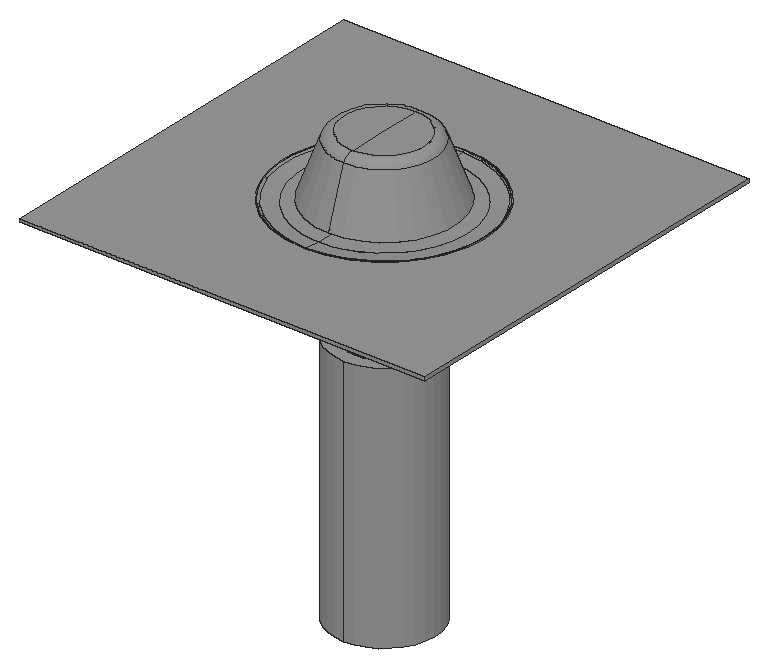
Revit family "HL_RU_Roof drain_HL69H-B-221103", category Sanitärinstallationen, Revit 2020
Family settings
  Bemaßung runder Anschluss = Durchmesser verwenden
  Teiletyp = Normal
  OmniClass-Nummer = 23.70.50.21.24.14
  OmniClass-Titel = Deck Waste Water Drains
  Arbeitsebenenbasiert = Nein
  Immer vertikal = Ja
  Beim Laden mit Abzugskörper schneiden = Nein
  Gemeinsam genutzt = Nein
  Raumberechnungspunkt = Ja
Parameters (values of type "HL_Кровельная воронка_HL69H_2")
  РЕШЁТКА = "Laubfangkorb d 145 mm"
  РАЗМЕР = "für DN125"
  ПРОПУСКНАЯ СПОСОБНОСТЬ [instance] = 0.0 L/s
  ПРОИЗВОДИТЕЛЬНОСТЬ = "11,0 l/s"
  ПРАВОВАЯ ИНФОРМАЦИЯ = "Авторские права(©), права на дизайн или какие либо другие права интелектуальной собственности являются исключительной собственностью компании HL Hutterer & Lechner. Изменению не подлежит. Файл семейства с данными о прозводителе изделия защищен паролем с водяным знаком."
  НОМИНАЛЬНЫЙ ДИАМЕТР = 125 mm
  МАТЕРИАЛ = "PP"
  ВЫСОТА МОНТАЖА = "301 mm"
  ВЕС = "2,43 [kg]"
  Vorgabe-Ansicht = 0 mm
  Hersteller = "HL Hutterer & Lechner GmbH"  # constant formula
  URL = "http://www.hutterer-lechner.com/ru/products/catalog/roof-drains/HL69H/2.aspx"
  Материал плитка [instance] = none
  Lüftungsverbindung = no
  Abwasserrohrverbindung = yes
  HW-Verbindung = no
  KW-Verbindung = no
  Beschreibung = "Кровельные воронки"
  Model = "HL69H_2"
  Assembly Code = " "
  Typenkommentare = "HL69H/2, \"Ремонтная\" кровельная воронка для DN125 с битумным полотном."
  Keynote = "HL69H_2"
  Bысота монтажа [instance] = 0 mm
  G [instance] = 180.00°  # constant formula
  EAN = "9003076004553"
  D [instance] = if(НОМИНАЛЬНЫЙ ДИАМЕТР = 75 mm, 250 mm, if(НОМИНАЛЬНЫЙ ДИАМЕТР = 160 mm, 250 mm, 363 mm)) + Bысота монтажа  # 363 mm
  C [instance] = if(Bысота монтажа - 68 mm < 0 mm, 0 mm, Bысота монтажа - 68 mm)  # 0 mm
  B [instance] = 100 mm  # constant formula
  A [instance] = if(B - 100 mm > 15 mm, B - 100 mm, 15 mm)  # 15 mm
Types (5, lengths in mm): name | РАЗМЕР | ПРОИЗВОДИТЕЛЬНОСТЬ | НОМИНАЛЬНЫЙ ДИАМЕТР | ВЕС | URL | Model | Typenkommentare | Keynote | EAN | D
  (no name) | "für DN125" | "11,0 l/s" | 125 | "2,43 [kg]" | "http://www.hutterer-lechner.com/ru/products/catalog/roof-drains/HL69H/2.aspx" | "HL69H_2" | "HL69H/2, \"Ремонтная\" кровельная воронка для DN125 с битумным полотном." | "HL69H_2" | "9003076004553" | 363
  HL_Кровельная воронка_HL69H_1 | "für DN110" | "7,8 l/s" | 110 | "2,33 [kg]" | "http://www.hutterer-lechner.com/ru/products/catalog/roof-drains/HL69H/1.aspx" | "HL69H_1" | "HL69H/1, \"Ремонтная\" кровельная воронка для DN110 с битумным полотном." | "HL69H_1" | "9003076004546" | 363
  HL_Кровельная воронка_HL69H_2 | "für DN125" | "11,0 l/s" | 125 | "2,43 [kg]" | "http://www.hutterer-lechner.com/ru/products/catalog/roof-drains/HL69H/2.aspx" | "HL69H_2" | "HL69H/2, \"Ремонтная\" кровельная воронка для DN125 с битумным полотном." | "HL69H_2" | "9003076004553" | 363
  HL_Кровельная воронка_HL69H_5 | "für DN160" | "10,3 l/s" | 160 | "2,82 [kg]" | "http://www.hutterer-lechner.com/ru/products/catalog/roof-drains/HL69H/5.aspx" | "HL69H_5" | "HL69H/5, \"Ремонтная\" кровельная воронка для DN160 с битумным полотном." | "HL69H_5" | "9003076008285" | 250
  HL_Кровельная воронка_HL69H_7 | "für DN75" | "7,5 l/s" | 75 | "2,07 [kg]" | "http://www.hutterer-lechner.com/ru/products/catalog/roof-drains/HL69H/7.aspx" | "HL69H_7" | "HL69H/7, \"Ремонтная\" кровельная воронка для DN75 с битумным полотном." | "HL69H_7" | "9003076004539" | 250
Reference planes
  plane 1 "Center (Front/Back)": y = 0
  plane 2: z = 0
  plane 3 "Center (Left/Right)": x = 0
  plane 4: z = -100
  plane 5: z = 0
Lines and regions (mm)
  model lines, style "InvisibleLines"
    curve 1: line (0, 0, 0) -> (0, 0, 20)
  model lines, style "PlumbingFixtures", detail levels coarse+medium
    curve 2: line (0, 0, -100) -> (0, 0, -85)
    curve 3: line (0, 0, -85) -> (-85, 0, 0)
    curve 4: line (0, 0, -85) -> (85, 0, 0)
    curve 6: line (0, 0, -100) -> (0, 0, -463)
  reference lines, not visible
    curve 5: line (0, 0, -100) -> (0, 0, -463)
  symbolic lines, style "PlumbingFixtures", detail levels coarse+medium
    curve 7: line (-75, 75, 0) -> (75, 75, 0)
    curve 8: line (-75, -75, 0) -> (-75, 75, 0)
    curve 9: line (75, -75, 0) -> (-75, -75, 0)
    curve 10: line (75, 75, 0) -> (75, -75, 0)
    curve 11: line (-75, 75, 0) -> (-145.711, 145.711, 0)
    curve 12: line (75, 75, 0) -> (145.711, 145.711, 0)
    curve 13: line (-75, -75, 0) -> (-145.711, -145.711, 0)
    curve 14: line (75, -75, 0) -> (145.711, -145.711, 0)
  symbolic lines, style "PlumbingFixtures", not visible, detail levels coarse+medium
    curve 15: line (-75, 75, 0) -> (75, 75, 0)
    curve 16: line (-75, -75, 0) -> (-75, 75, 0)
    curve 17: line (75, -75, 0) -> (-75, -75, 0)
    curve 18: line (75, 75, 0) -> (75, -75, 0)
    curve 19: line (-75, 75, 0) -> (-145.711, 145.711, 0)
    curve 20: line (75, 75, 0) -> (145.711, 145.711, 0)
    curve 21: line (-75, -75, 0) -> (-145.711, -145.711, 0)
    curve 22: line (75, -75, 0) -> (145.711, -145.711, 0)
Text (mm)
  text "FLOOR" at (-162.344, 0, -10.979), in view "Drain Construction View"
Dimensions and locks
  "B": plane 2 to plane 4
  "Bысота монтажа": plane 2 to plane 5
  "A": curve 4 to plane 4
  "D": curve 5 to curve 5
  "D": curve 6 to curve 6
  locked: curve 4 to plane 3 "Center (Left/Right)" (angle 45.00°)
  locked: plane 3 "Center (Left/Right)" to curve 3 (angle 45.00°)
  "G": angle curve 5 to plane 3 "Center (Left/Right)"
  aligned and locked: level to plane 2
  aligned and locked: plane 2 to curve 4
  aligned and locked: plane 2 to curve 3
  aligned and locked: plane 4 to curve 5
  aligned and locked: plane 3 "Center (Left/Right)" to curve 5
  aligned and locked: plane 4 to curve 2
  aligned and locked: curve 6 to plane 3 "Center (Left/Right)"
  aligned and locked: curve 6 to plane 4
  aligned and locked: nested 1 to plane 5
  aligned and locked: nested 1 to plane 3 "Center (Left/Right)"
  aligned and locked: plane 2 to nested 2
  aligned and locked: plane 3 "Center (Left/Right)" to nested 2
Automatic sketch dimensions
  curve 2 to plane 3 "Center (Left/Right)" = 0 mm
  curve 1 to plane 3 "Center (Left/Right)" = 0 mm
  curve 1 to level = 0 mm
  level to curve 1 = 20 mm
Nested families
  nested 1: "HL_кровельные воронки - корпус_HL69H" at (0, 0, -4), НОМИНАЛЬНЫЙ ДИАМЕТР <- "НОМИНАЛЬНЫЙ ДИАМЕТР", type "HL_кровельные воронки - корпус_HL69H"
    with НОМИНАЛЬНЫЙ ДИАМЕТР 125 mm, C no, B no, A yes
  nested 2: "HL_Вспомогательные материалы-Противопожарная защита_HL062.1E" at (0, 0, 0), type "HL_Вспомогательные материалы-Противопожарная защита_HL062.1E"
Connectors
  piping at (0, 0, -463), diameter 125, driven by "ПРОПУСКНАЯ СПОСОБНОСТЬ", driven by "НОМИНАЛЬНЫЙ ДИАМЕТР"
    settings: on curve 5, index 1, connector inside diameter 609.6 mm, connector length 0 mm, flow factor 0, pipe flow 0.0 L/s, pressure drop 0.0 Pa, fitting loss kfactor 0, connector angle 0.00°, fixture units 0, engagement length 0 mm, angle of deflection 0.00°, flow configuration 1, flow direction 2, fitting loss method 0, system type 16, joint type 0, gender type 0, connector reference index -1, connector utility 0, adjustable connector yes, is connector primary yes, connector description ""
Definition of nested family "HL_кровельные воронки - корпус_HL69H"
  Parameters (values of type "HL_кровельные воронки - корпус_HL69H")
    НОМИНАЛЬНЫЙ ДИАМЕТР [instance] = 110 mm
    Default Elevation = 0 mm
    Manufacturer = ""
    URL = ""
    Description = ""
    Model = ""
    Type Comments = ""
    Cost = 0
    C [instance] = if(НОМИНАЛЬНЫЙ ДИАМЕТР = 160 mm, (1 = 1), 0 = 1)  # no
    B [instance] = if(НОМИНАЛЬНЫЙ ДИАМЕТР = 75 mm, (1 = 1), 0 = 1)  # no
    A [instance] = if(or(НОМИНАЛЬНЫЙ ДИАМЕТР = 125 mm, НОМИНАЛЬНЫЙ ДИАМЕТР = 110 mm), (1 = 1), 0 = 1)  # yes
  Reference planes
    plane 1 "Střed (vpředu/vzadu)": y = 0
    plane 2: z = 0
    plane 3 "Střed (vlevo/vpravo)": x = 0
  Forms (mm)
    Revolve 1, solid, detail levels fine
      sketch origin (0, 0, 0) x (0, 1, 0) y (0, 0, 1)
        loop
          line (177, -3) -> (177, 0) -> (112, 0) -> (82.902, -11.757) -> (82.902, -27.379) -> (77.902, -27.379) -> (77.902, -42) -> (0, -42) -> (0, -45) -> (81.026, -45) -> (81.026, -30) -> (85.505, -28.716) -> (85.505, -11.757) -> (104.147, -11.757) -> (128.206, -3) -> (177, -3)
        axis (0, 0) -> (0, -45)
      angle from 0 to 360
    Extrusion 2, solid, detail levels fine
      sketch origin (0, 0, 0) x (1, 0, 0) y (0, 1, 0)
        loop
          line (250, 250) -> (-250, 250) -> (-250, -250) -> (250, -250) -> (250, 250)
        loop
          circle (0, 0) r 124.28
      from 0 to 4
    Revolve 3, solid, detail levels fine
      sketch origin (0, 0, 0) x (0, 1, 0) y (0, 0, 1)
        loop
          line (82.902, -11.757) -> (112, 0) -> (124.28, 0) -> (124.28, 4) -> (123.294, 4) -> (120.925, 2.793) -> (101.964, 0.8) -> (81.005, 0.8) -> (79.24, -2.257) -> (79.24, -21.433) -> (75.783, -21.433) -> (75.045, -23.015) -> (75.045, -27.379) -> (82.902, -27.379) -> (82.902, -11.757)
        axis (0, 4) -> (0, -27.379)
      angle from 0 to 360
    Revolve 4, solid, visible <- "A", detail levels fine
      sketch origin (0, 0, 0) x (0, 1, 0) y (0, 0, 1)
        loop
          line (0, -149.019) -> (45.493, -149.019) -> (45.493, -99) -> (63.12, -99) -> (63.12, -62.992) -> (73.508, -45) -> (0, -45) -> (0, -149.019)
        axis (0, -45) -> (0, -149.019)
      angle from 0 to 360
    Extrusion 5, solid, visible <- "A", detail levels fine
      sketch origin (0, 0, -149.019) x (0, 1, 0) y (1, 0, 0)
        loop
          circle (0, 0) r 55
      from 0 to 310
    Revolve 6, solid, visible <- "B", detail levels fine
      sketch origin (0, 0, 0) x (0, 1, 0) y (0, 0, 1)
        loop
          line (28.12, -94.1) -> (62.726, -45) -> (0, -45) -> (0, -346) -> (35.72, -346) -> (35.72, -108) -> (28.12, -108) -> (28.12, -94.1)
        axis (0, -45) -> (0, -346)
      angle from 0 to 360
    Revolve 7, solid, visible <- "C", detail levels fine
      sketch origin (0, 0, 0) x (0, 1, 0) y (0, 0, 1)
        loop
          line (73.507, -45) -> (0, -45) -> (0, -346) -> (81.007, -346) -> (81.007, -107.5) -> (63.507, -107.5) -> (63.507, -67) -> (73.507, -67) -> (73.507, -45)
        axis (0, -45) -> (0, -346)
      angle from 0 to 360
  Dimensions and locks
    "НОМИНАЛЬНЫЙ ДИАМЕТР": diameter of Extrusion 5 sketch curve
    aligned and locked: level to plane 2
  Automatic sketch dimensions
    Revolve 1 sketch curve to plane 1 "Střed (vpředu/vzadu)" = 0 mm  (x2)
    level to Revolve 1 sketch curve = 0 mm
    Revolve 1 sketch curve to plane 1 "Střed (vpředu/vzadu)" = 77.902 mm
    Revolve 1 sketch curve to Revolve 1 sketch curve = 3.124 mm
    Revolve 1 sketch curve to Revolve 1 sketch curve = 5 mm
    Revolve 1 sketch curve to level = 28.716 mm
    Revolve 1 sketch curve to Revolve 1 sketch curve = 2.603 mm
    Revolve 1 sketch curve to level = 11.757 mm
    Revolve 1 sketch curve to Revolve 1 sketch curve = 18.642 mm
    Revolve 1 sketch curve to Revolve 1 sketch curve = 7.853 mm
    Revolve 1 sketch curve to level = 3 mm
    Revolve 1 sketch curve to Revolve 1 sketch curve = 16.206 mm
    Revolve 1 sketch curve to Revolve 1 sketch curve = 48.794 mm
    Revolve 1 sketch curve to Revolve 1 sketch curve = 1.284 mm
    Revolve 1 sketch curve to level = 42 mm
    Revolve 1 sketch curve to Revolve 1 sketch curve = 3 mm
    Revolve 1 sketch curve to Revolve 1 sketch curve = 2.621 mm
    Revolve 1 sketch curve to Revolve 1 sketch curve = 0 mm
    level to Revolve 1 sketch curve = 51.827 mm
    Revolve 1 sketch curve to Revolve 1 sketch curve = 60 mm
    plane 1 "Střed (vpředu/vzadu)" to Extrusion 2 sketch curve = 0 mm
    Extrusion 2 sketch curve to plane 3 "Střed (vlevo/vpravo)" = 0 mm
    Extrusion 2 sketch curve to plane 3 "Střed (vlevo/vpravo)" = 250 mm
    plane 3 "Střed (vlevo/vpravo)" to Extrusion 2 sketch curve = 250 mm
    plane 1 "Střed (vpředu/vzadu)" to Extrusion 2 sketch curve = 250 mm
    Extrusion 2 sketch curve to plane 1 "Střed (vpředu/vzadu)" = 250 mm
    Revolve 3 sketch curve to plane 1 "Střed (vpředu/vzadu)" = 0 mm
    level to Revolve 3 sketch curve = 0 mm
    Revolve 3 sketch curve to level = 27.379 mm
    Revolve 3 sketch curve to plane 1 "Střed (vpředu/vzadu)" = 75.045 mm
    Revolve 3 sketch curve to Revolve 3 sketch curve = 0.738 mm
    Revolve 3 sketch curve to Revolve 3 sketch curve = 3.457 mm
    level to Revolve 3 sketch curve = 0.8 mm
    Revolve 3 sketch curve to Revolve 3 sketch curve = 1.765 mm
    Revolve 3 sketch curve to Revolve 3 sketch curve = 3.662 mm
    Revolve 3 sketch curve to Revolve 3 sketch curve = 20.959 mm
    Revolve 3 sketch curve to Revolve 3 sketch curve = 10.036 mm
    level to Revolve 3 sketch curve = 2.793 mm
    Revolve 3 sketch curve to Revolve 3 sketch curve = 8.925 mm
    Revolve 3 sketch curve to Revolve 3 sketch curve = 2.369 mm
    Revolve 3 sketch curve to Revolve 3 sketch curve = 0.985 mm
    Revolve 3 sketch curve to Revolve 3 sketch curve = 4.364 mm
    Revolve 3 sketch curve to Revolve 3 sketch curve = 1.582 mm
    Revolve 3 sketch curve to Revolve 3 sketch curve = 9.676 mm
    Revolve 3 sketch curve to level = 2.257 mm
    Revolve 3 sketch curve to Revolve 3 sketch curve = 1.207 mm
    Revolve 3 sketch curve to Revolve 3 sketch curve = 272.621 mm
    level to Revolve 3 sketch curve = 300 mm
    Revolve 4 sketch curve to plane 1 "Střed (vpředu/vzadu)" = 0 mm  (x2)
    Revolve 4 sketch curve to Revolve 4 sketch curve = 45.493 mm
    Revolve 4 sketch curve to Revolve 4 sketch curve = 17.627 mm
    Revolve 4 sketch curve to Revolve 4 sketch curve = 10.388 mm
    Revolve 4 sketch curve to level = 149.019 mm
    Revolve 4 sketch curve to Revolve 4 sketch curve = 50.019 mm
    Revolve 4 sketch curve to Revolve 4 sketch curve = 36.008 mm
    Revolve 4 sketch curve to Revolve 4 sketch curve = 17.992 mm
    level to Revolve 4 sketch curve = 51.827 mm
    Revolve 4 sketch curve to Revolve 4 sketch curve = 60 mm
    Revolve 6 sketch curve to plane 1 "Střed (vpředu/vzadu)" = 0 mm
    Revolve 6 sketch curve to plane 1 "Střed (vpředu/vzadu)" = 28.12 mm
    Revolve 6 sketch curve to plane 1 "Střed (vpředu/vzadu)" = 35.72 mm
    Revolve 6 sketch curve to level = 346 mm
    Revolve 6 sketch curve to level = 108 mm
    Revolve 6 sketch curve to Revolve 6 sketch curve = 13.9 mm
    Revolve 6 sketch curve to level = 45 mm
    Revolve 6 sketch curve to Revolve 6 sketch curve = 34.606 mm
    Revolve 7 sketch curve to plane 1 "Střed (vpředu/vzadu)" = 63.507 mm
    Revolve 7 sketch curve to Revolve 7 sketch curve = 10 mm
    Revolve 7 sketch curve to plane 1 "Střed (vpředu/vzadu)" = 81.007 mm
    Revolve 7 sketch curve to level = 346 mm
    Revolve 7 sketch curve to level = 107.5 mm
    Revolve 7 sketch curve to Revolve 7 sketch curve = 40.5 mm
    Revolve 7 sketch curve to Revolve 7 sketch curve = 22 mm
    Revolve 7 sketch curve to Revolve 7 sketch curve = 81.007 mm
    Extrusion 5 sketch curve to Revolve 4 = 0 mm
    radius of Extrusion 2 sketch curve = 124.28 mm
Definition of nested family "HL_Вспомогательные материалы-Противопожарная защита_HL062.1E"
  Parameters
    ПРАВОВАЯ ИНФОРМАЦИЯ = ""
    ВЕС = "0,097 [kg]"
    Default Elevation = 0 mm
    Manufacturer = ""
    URL = ""
    Материал плитка = none
    Description = ""
    Model = ""
    Type Comments = "HL062.1E, domed plastic grate"
    Keynote = ""
    Пропускная способность [instance] = 0.0 L/s
    EAN = "9003076006212"
    Cost = 0
  Types (2, lengths in mm): name | ПРАВОВАЯ ИНФОРМАЦИЯ | Manufacturer | URL | Description | Model | Type Comments | Keynote
    (no name) | "" | "" | "" | "" | "" | "HL062.1E, domed plastic grate" | ""
    HL_Вспомогательные материалы-Противопожарная защита_HL062.1E | "Авторские права(©), права на дизайн или какие либо другие права интелектуальной собственности являются исключительной собственностью компании HL Hutterer & Lechner. Изменению не подлежит. Файл семейства с данными о прозводителе изделия защищен паролем с водяным знаком." | "HL Hutterer & Lechner GmbH" | "http://www.hutterer-lechner.com/ru/products/catalog/roof-drains/HL062.1E.aspx" | "Кровельные воронки" | "HL062.1E" | "HL062.1E, Листвоуловитель" | "HL062.1E"
  Reference planes
    plane 1 "Střed (vpředu/vzadu)": y = 0
    plane 2: z = 0
    plane 3 "Střed (vlevo/vpravo)": x = 0
  Forms (mm)
    Revolve 1, solid, detail levels fine
      sketch origin (0, 0, 0) x (0, 1, 0) y (0, 0, 1)
        loop
          line (0, 75) -> (0, 60.2) -> (47.074, 60.2) -> (68.985, 0) -> (86.249, 0) -> (61.992, 66.646)
          arc (61.992, 66.646) -> (56.733, 72.731) -> (49.016, 75) r 14.255
          line (49.016, 75) -> (0, 75)
        axis (0, 75) -> (0, 0)
      angle from 0 to 360
    Extrusion 2, solid, detail levels fine
      sketch origin (0, 0, 0) x (0, 1, 0) y (1, 0, 0)
        loop
          circle (0, 0) r 78.587
        loop
          circle (0, 0) r 70.981
      from 0 to 16.7
    Extrusion 3, solid, detail levels fine
      sketch origin (0, 0, -16.7) x (-1, 0, 0) y (0, 1, 0)
        loop
          circle (0, 0) r 70
        loop
          circle (0, 0) r 74.546
      from 0 to 12.3
  Dimensions and locks
    aligned and locked: level to plane 2
